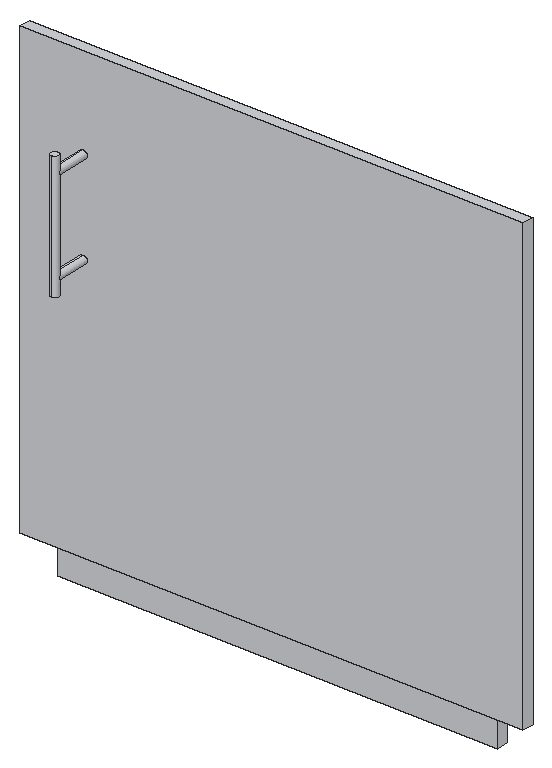
Revit family "Cab_Sink_Door", category Casework, Revit 2019
Family settings
  Work Plane-Based = No
  Always vertical = Yes
  Cut with Voids When Loaded = No
  Shared = No
  Room Calculation Point = No
Parameters
  oWctrl = 0' - 0"
  oW = 2' - 8"
  oHctrl = 0' - 0"
  oH = 2' - 4.92124"
  oDctrl = 0' - 0"
  oD = 0' - 0 3/4"
  hW = 0' - 4"
  hH = 1' - 8"
  bD = 0' - 3"
  Base = 0' - 4"
Reference planes (in)
  plane 1 "Center (Front/Back)": y = 0
  plane 2: z = 0
  plane 3 "Center (Left/Right)": x = 0
  plane 4: x = -16
  plane 5: x = 16
  plane 6: y = 0.75
  plane 7: z = 32.92124
  plane 8: x = -12
  plane 9: z = 24
  plane 10: z = 4
  plane 11: y = 3
  plane 12: x = 12
Forms (in)
  Sweep 1, solid
    path origin (0, 0, 0) x (1, 0, 0) y (0, 0, 1)
      loop
        line (0, 4) -> (0, 32.92124)
    profile origin (0, 0, 18.46062) x (-1, 0, 0) y (0, -1, 0)
      loop
        line (16, -0.75) -> (16, 0) -> (-16, 0) -> (-16, -0.75) -> (16, -0.75)
  Sweep 2, solid
    path origin (0, 0, 0) x (1, 0, 0) y (0, 0, 1)
      loop
        line (-16, 4) -> (12, 4)
    profile origin (-2, 0, 4) x (0, 0, 1) y (0, -1, 0)
      loop
        line (0, -3) -> (-3.75, -3) -> (-3.75, -3.73888) -> (0, -3.73888) -> (0, -3)
Lines and regions (in)
  symbolic lines, style "CaseworkHiddenLines"
    curve 1: line (-16, 0, 32.92124) -> (16, 0, 16.46062)
    curve 2: line (16, 0, 16.46062) -> (-16, 0, 0)
Dimensions and locks (in)
  "oD": plane 6 to plane 1 "Center (Front/Back)"
  equal spacing: plane 4, plane 3 "Center (Left/Right)", plane 5
  "oW": plane 4 to plane 5
  "oH": plane 7 to plane 10
  equal spacing: plane 7, curve 2, level
  "hW": plane 4 to plane 8
  "hH": plane 9 to plane 10
  "Base": plane 10 to level
  "bD": plane 1 "Center (Front/Back)" to plane 11
  "hW": plane 12 to plane 5
  locked: plane 11 to Sweep 2 sketch curve at 0.73888
  locked: Sweep 2 sketch curve to level at 0.25
  aligned and locked: plane 2 to level
  aligned and locked: plane 7 to Sweep 1 sketch curve
  aligned and locked: plane 3 "Center (Left/Right)" to Sweep 1 sketch curve
  aligned and locked: Sweep 1 sketch curve to plane 6
  aligned and locked: Sweep 1 sketch curve to plane 4
  aligned and locked: Sweep 1 sketch curve to profile plane
  aligned and locked: plane 5 to Sweep 1 sketch curve
  aligned and locked: plane 4 to curve 2
  aligned and locked: Sweep 1 to curve 1
  aligned and locked: Sweep 1 to Sweep 1
  aligned and locked: plane 4 to curve 1
  aligned and locked: plane 8 to nested 1
  aligned and locked: nested 1 to plane 9
  aligned and locked: plane 10 to Sweep 1 sketch curve
  aligned and locked: plane 4 to Sweep 2 sketch curve
  aligned and locked: plane 12 to Sweep 2 sketch curve
  aligned and locked: Sweep 2 sketch curve to plane 10  (x2)
  aligned and locked: Sweep 2 sketch curve to plane 11
Automatic sketch dimensions
  curve 1 to plane 7 = 0' - 0"
  curve 2 to level = 0' - 0"
Nested families (in)
  nested 1: "Cab_Handle" at (-12, 0, 24) x (1, 0, 0) z (0, -1, 0), type "Cab_Handle"
Definition of nested family "Cab_Handle"
  Parameters (values of type "Cab_Handle")
    oWctrl = 0' - 0"
    oW = 0' - 0"
    oHctrl = 0' - 0"
    oH = 0' - 8"
    oDctrl = 0' - 0"
    oD = 0' - 2 1/2"
    Default Elevation = 4' - 0"
  Reference planes (in)
    plane 1 "Center (Front/Back)": y = 0
    plane 2: z = 0
    plane 3 "Center (Left/Right)": x = 0
    plane 4: y = -4
    plane 5: y = 4
    plane 6: z = 2.5
    plane 7: z = 2.25
    plane 8: z = 0
    plane 9: z = 2.25
    plane 10: z = 0
  Forms (in)
    Sweep 1, solid
      path origin (0, 0, 0) x (0, 1, 0) y (0, 0, 1)
        loop
          line (-4, 2.25) -> (4, 2.25)
      profile origin (0, 0, 2.25) x (0, 0, 1) y (1, 0, 0)
        loop
          circle (0, 0) r 0.25
    Sweep 2, solid
      path origin (0, 0, 0) x (0, 1, 0) y (0, 0, 1)
        loop
          line (-3, 0) -> (-3, 2.25)
      profile origin (0, -3, 1.125) x (0, -1, 0) y (1, 0, 0)
        loop
          circle (0, 0) r 0.25
    Sweep 3, solid
      path origin (0, 6, 0) x (0, 1, 0) y (0, 0, 1)
        loop
          line (-3, 0) -> (-3, 2.25)
      profile origin (0, 3, 1.125) x (0, -1, 0) y (1, 0, 0)
        loop
          circle (0, 0) r 0.25
  Cuts and joins
    joined: Sweep 1, Sweep 2, Sweep 3
  Dimensions and locks (in)
    equal spacing: plane 4, plane 1 "Center (Front/Back)", plane 5
    "oH": plane 4 to plane 5
    "oD": plane 6 to level
    plane 6 to Sweep 1 sketch curve = 0' - 0 1/4"
    locked: plane 4 to Sweep 2 sketch curve at 1
    locked: plane 6 to plane 9 at 0.25
    locked: Sweep 3 sketch curve to plane 5 at 1
    aligned and locked: plane 2 to level
    aligned and locked: plane 4 to Sweep 1 sketch curve
    aligned and locked: plane 5 to Sweep 1 sketch curve
    aligned and locked: plane 7 to Sweep 2 sketch curve
    aligned and locked: plane 8 to Sweep 2 sketch curve
    aligned and locked: level to plane 8
    aligned and locked: plane 9 to Sweep 3 sketch curve
    aligned and locked: plane 10 to Sweep 3 sketch curve
    aligned and locked: level to plane 10
  Automatic sketch dimensions
    Sweep 1 sketch curve to plane 3 "Center (Left/Right)" = 0' - 0"
    Sweep 1 sketch curve to profile plane = 0' - 0"
    Sweep 2 sketch curve to plane 3 "Center (Left/Right)" = 0' - 0"
    Sweep 2 sketch curve to profile plane = 0' - 0"
    Sweep 3 sketch curve to plane 3 "Center (Left/Right)" = 0' - 0"
    Sweep 3 sketch curve to profile plane = 0' - 0"
    radius of Sweep 1 sketch curve = 0' - 0 1/4"
    radius of Sweep 2 sketch curve = 0' - 0 1/4"
    radius of Sweep 3 sketch curve = 0' - 0 1/4"
